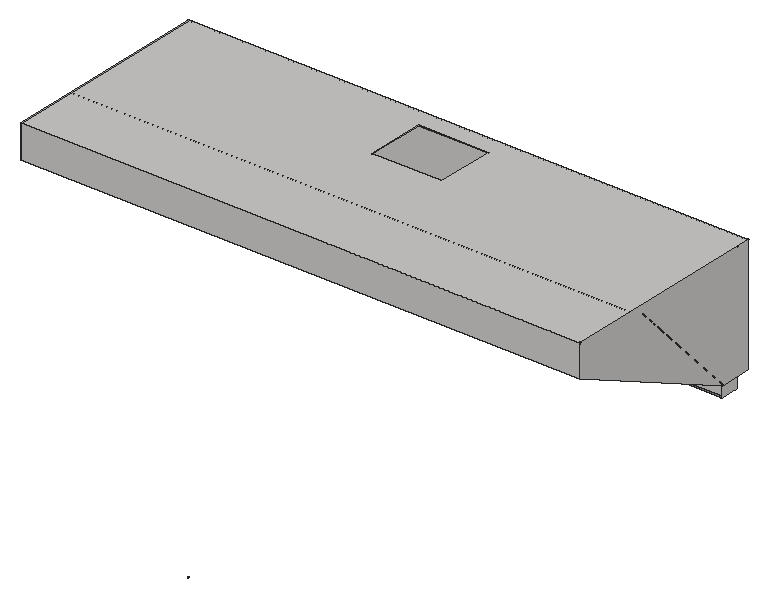
Revit family "QF_ELECTROLUXPROFESSIONAL_642289_MP924BT", category Specialty Equipment, Revit 2014
Reference planes
  plane 1: z = 0
  plane 2 "Center (Left/Right)": x = 150
  plane 3 "LEFT": x = -1050
  plane 4 "RIGHT": x = 1350
  plane 5 "BACK": y = 550
  plane 6 "Plane": z = 2000
  plane 7 "TOP": z = 2140
  plane 8 "Base": z = 1640
  plane 9: z = 1566
  plane 10 "DrainY": y = 485
  plane 11: x = -1047
  plane 12: through (0, 414.509, 1640.8) normal (0, 0.7314, 0.682)
  plane 13: y = 470
  plane 14: y = 220
  plane 15 "DrainX": x = 1230
  plane 16: x = 300
  plane 17: x = 0
  plane 18: x = 1347
  plane 19: x = 1140
  plane 20: x = 1320
  plane 21: x = -1010
  plane 22: x = -645
  plane 23: x = -450
  plane 24: x = 1310
  plane 25: x = 945
  plane 26: x = 750
  plane 27: x = -47.5
  plane 28: x = 347.5
  plane 29 "Center (Front/Back)": y = 100
  plane 30 "Front": y = -350
Forms (mm)
  Extrusion 1, solid, material "QF_Finishes_Stainless Steel"
    sketch origin (-1050, 0, 0) x (0, 1, 0) y (0, 0, 1)
      loop
        line (550, 1640) -> (550, 2140) -> (-350, 2140) -> (-350, 1999.112) -> (413.973, 1640) -> (550, 1640)
    from 0 to 3
  Extrusion 2, solid, material "QF_Finishes_Stainless Steel"
    sketch origin (150, 0, 0) x (0, 1, 0) y (0, 0, 1)
      loop
        line (415.255, 1640) -> (550, 1640) -> (550, 2139.19) -> (549.2, 2139.19) -> (549.2, 1640.8) -> (415.876, 1640.8) -> (339.347, 1722.867) -> (349.609, 1732.436) -> (348.927, 1733.167) -> (337.934, 1722.917) -> (415.255, 1640)
      loop
        line (-82.203, 2139.19) -> (-82.203, 2118.6) -> (-31.047, 2118.6) -> (34.354, 2048.466) -> (46.028, 2059.352) -> (45.346, 2060.083) -> (34.403, 2049.879) -> (-30.612, 2119.6) -> (-81.203, 2119.6) -> (-81.203, 2139.19) -> (-82.203, 2139.19)
    from -1197 to 1197
  Extrusion 3, solid, material "QF_Finishes_Stainless Steel"
    sketch origin (1350, 0, 0) x (0, 1, 0) y (0, 0, 1)
      loop
        line (550, 1640) -> (550, 2140) -> (-350, 2140) -> (-350, 1999.112) -> (413.973, 1640) -> (550, 1640)
    from 0 to -3
  Extrusion 4, solid, material "QF_Finishes_Stainless Steel"
    sketch origin (150, 0, 0) x (0, 1, 0) y (0, 0, 1)
      loop
        line (-350, 2140) -> (-350, 2000) -> (-349.2, 2000) -> (-349.2, 2139.19) -> (550, 2139.19) -> (550, 2140) -> (-350, 2140)
    from -1200 to 1200
  Extrusion 5, solid, material "QF_Finishes_Stainless Steel"
    sketch origin (150, 0, 0) x (0, 1, 0) y (0, 0, 1)
      loop
        line (534, 1640) -> (436, 1640) -> (436, 1627) -> (443.5, 1627) -> (443.5, 1576)
        arc (443.5, 1576) -> (446.429, 1568.929) -> (453.5, 1566) r 10
        line (453.5, 1566) -> (516.5, 1566)
        arc (516.5, 1566) -> (523.571, 1568.929) -> (526.5, 1576) r 10
        line (526.5, 1576) -> (526.5, 1627) -> (534, 1627) -> (534, 1640)
    from 990 to 1170
  Extrusion 6, solid, material "QF_Finishes_Stainless Steel"
    sketch origin (0, 0, 1640) x (0, 1, 0) y (-1, 0, 0)
      loop
        circle (485, -1230) r 20
    from -76 to -74
  Extrusion 7, solid, material "QF_Finished_Chrome"
    sketch origin (150, 0, 0) x (0, 1, 0) y (0, 0, 1)
      loop
        line (337.934, 1722.917) -> (341.591, 1726.327) -> (38.011, 2051.876) -> (34.354, 2048.466) -> (337.934, 1722.917)
    from -795 to -1160
  Extrusion 8, solid, material "QF_Finished_Chrome"
    sketch origin (150, 0, 0) x (0, 1, 0) y (0, 0, 1)
      loop
        line (337.934, 1722.917) -> (341.591, 1726.327) -> (38.011, 2051.876) -> (34.354, 2048.466) -> (337.934, 1722.917)
    from -197.5 to -600
  Extrusion 9, solid, material "QF_Finishes_Stainless Steel"
    sketch origin (150, 0, 0) x (0, 1, 0) y (0, 0, 1)
      loop
        line (337.934, 1722.917) -> (341.591, 1726.327) -> (38.011, 2051.876) -> (34.354, 2048.466) -> (337.934, 1722.917)
    from 1197 to 1160
  Extrusion 10, solid, material "QF_Finishes_Stainless Steel"
    sketch origin (150, 0, 0) x (0, 1, 0) y (0, 0, 1)
      loop
        line (341.588, 1726.324) -> (38.009, 2051.874) -> (34.354, 2048.466) -> (337.934, 1722.917) -> (341.588, 1726.324)
    from -795 to -600
  Extrusion 11, solid, material "QF_Finished_Chrome"
    sketch origin (150, 0, 0) x (0, 1, 0) y (0, 0, 1)
      loop
        line (341.588, 1726.324) -> (38.009, 2051.874) -> (34.354, 2048.466) -> (337.934, 1722.917) -> (341.588, 1726.324)
    from 795 to 1160
  Extrusion 12, void
    sketch origin (0, 0, 2140) x (0, 1, 0) y (-1, 0, 0)
      loop
        line (470, 0) -> (220, 0) -> (220, -300) -> (470, -300) -> (470, 0)
    from 0 to -10
  Extrusion 13, solid, material "QF_Finishes_Stainless Steel"
    sketch origin (0, 0, 0) x (1, 0, 0) y (0, 1, 0)
      loop
        line (-1050, 550) -> (-1050, 549) -> (-1049, 549) -> (-1049, 550) -> (-1050, 550)
    from 0 to 1
  Extrusion 14, solid, material "QF_Finishes_Stainless Steel"
    sketch origin (150, 0, 0) x (0, 1, 0) y (0, 0, 1)
      loop
        line (337.934, 1722.917) -> (341.591, 1726.327) -> (38.011, 2051.876) -> (34.354, 2048.466) -> (337.934, 1722.917)
    from -1160 to -1197
  Extrusion 15, solid, material "QF_Finishes_Stainless Steel"
    sketch origin (150, 0, 0) x (0, 1, 0) y (0, 0, -1)
      loop
        line (341.588, -1726.324) -> (337.934, -1722.917) -> (34.354, -2048.466) -> (38.009, -2051.874) -> (341.588, -1726.324)
    from -795 to -600
  Extrusion 16, solid, material "QF_Finished_Chrome"
    sketch origin (150, 0, 0) x (0, 1, 0) y (0, 0, 1)
      loop
        line (337.934, 1722.917) -> (341.591, 1726.327) -> (38.011, 2051.876) -> (34.354, 2048.466) -> (337.934, 1722.917)
    from 600 to 197.5
  Extrusion 17, solid, material "QF_Finishes_Stainless Steel"
    sketch origin (150, 0, 0) x (0, 1, 0) y (0, 0, -1)
      loop
        line (341.588, -1726.324) -> (337.934, -1722.917) -> (34.354, -2048.466) -> (38.009, -2051.874) -> (341.588, -1726.324)
    from -197.5 to 197.5
Cuts and joins
  Extrusion 12 cuts Extrusion 4
  joined: Extrusion 2, Extrusion 4
Lines and regions (mm)
  reference lines
    curve 1: line (150, 34.354, 2048.466) -> (150, 34.354, 1888.466)
  symbolic lines, style "SpecialityEquipment", detail levels coarse
    curve 2: line (1350, 550, 2140) -> (-1050, 550, 2140)
    curve 3: line (-1050, 550, 2140) -> (-1050, -350, 2140)
    curve 4: line (1350, -350, 2140) -> (1350, 550, 2140)
    curve 5: line (-1050, -350, 2140) -> (1350, -350, 2140)
    curve 6: line (0, 220, 2140) -> (300, 220, 2140)
    curve 7: line (0, 470, 2140) -> (0, 220, 2140)
    curve 8: line (300, 470, 2140) -> (0, 470, 2140)
    curve 9: line (300, 220, 2140) -> (300, 470, 2140)
    curve 10: line (-1050, 550, 0) -> (1350, -350, 0)
    curve 11: line (1350, 550, 0) -> (-1050, -350, 0)
Dimensions and locks
  plane 3 "LEFT" to plane 4 "RIGHT" = 2400 mm
  equal spacing: plane 3 "LEFT", plane 2 "Center (Left/Right)", plane 4 "RIGHT"
  locked: plane 6 "Plane" to level at 2000
  plane 7 "TOP" to plane 6 "Plane" = 140 mm
  locked: plane 7 "TOP" to plane 8 "Base" at 500
  plane 8 "Base" to plane 9 = 74 mm
  plane 5 "BACK" to plane 10 "DrainY" = 65 mm  (x2)
  plane 3 "LEFT" to plane 11 = 3 mm
  plane 5 "BACK" to plane 13 = 80 mm
  plane 13 to plane 14 = 250 mm  (x2)
  plane 15 "DrainX" to plane 4 "RIGHT" = 120 mm
  plane 18 to plane 4 "RIGHT" = 3 mm
  locked: plane 19 to plane 15 "DrainX" at 90
  locked: plane 15 "DrainX" to plane 20 at 90
  plane 13 to plane 5 "BACK" = 80 mm
  locked: plane 3 "LEFT" to plane 21 at 40
  locked: plane 21 to plane 22 at 365
  locked: plane 22 to plane 23 at 195
  locked: plane 24 to plane 25 at 365
  locked: plane 25 to plane 26 at 195
  locked: plane 24 to plane 4 "RIGHT" at 40
  locked: plane 27 to plane 28 at 395
  equal spacing: plane 27, plane 2 "Center (Left/Right)", plane 28
  locked: plane 17 to plane 16 at 300
  equal spacing: plane 17, plane 2 "Center (Left/Right)", plane 16
  plane 23 to plane 27 = 402.5 mm
  plane 28 to plane 26 = 402.5 mm
  locked: plane 5 "BACK" to plane 30 "Front" at 900
  equal spacing: plane 5 "BACK", plane 29 "Center (Front/Back)", plane 30 "Front"
  plane 5 "BACK" to plane 30 "Front" = 900 mm
  aligned and locked: level to plane 1
  aligned and locked: Extrusion 2 to Extrusion 1
  aligned and locked: Extrusion 2 to Extrusion 3
  aligned and locked: plane 4 "RIGHT" to Extrusion 4
  aligned and locked: Extrusion 4 to plane 3 "LEFT"
  aligned and locked: plane 18 to Extrusion 9
  aligned and locked: plane 17 to Extrusion 12
  aligned and locked: Extrusion 12 to plane 16
  aligned and locked: Extrusion 12 to plane 14
  aligned and locked: Extrusion 12 to plane 13
  aligned and locked: Extrusion 2 to Extrusion 4
  aligned and locked: plane 20 to Extrusion 5
  aligned and locked: Extrusion 5 to plane 19
  aligned and locked: Extrusion 9 to plane 24
  aligned and locked: Extrusion 11 to plane 24
  aligned and locked: Extrusion 11 to plane 25
  aligned and locked: Extrusion 8 to plane 23
  aligned and locked: plane 23 to Extrusion 10
  aligned and locked: Extrusion 10 to plane 22
  aligned and locked: plane 22 to Extrusion 7
  aligned and locked: Extrusion 7 to plane 21
  aligned and locked: Extrusion 14 to plane 11
  aligned and locked: plane 21 to Extrusion 14
  aligned and locked: Extrusion 15 to plane 26
  aligned and locked: Extrusion 15 to plane 25
  aligned and locked: Extrusion 3 to plane 18
  aligned and locked: plane 27 to Extrusion 8
  aligned and locked: Extrusion 16 to plane 26
  aligned and locked: Extrusion 16 to plane 28
  aligned and locked: plane 28 to Extrusion 17
  aligned and locked: Extrusion 17 to plane 27
Automatic sketch dimensions
  curve 5 to plane 3 "LEFT" = 0 mm
  curve 9 to plane 14 = 0 mm
  plane 13 to curve 8 = 0 mm
  curve 3 to plane 5 "BACK" = 0 mm
  curve 5 to plane 4 "RIGHT" = 0 mm
  curve 6 to plane 16 = 0 mm
  curve 6 to plane 17 = 0 mm
  Extrusion 2 sketch curve to plane 12 = 0 mm  (x3)
  Extrusion 2 sketch curve to plane 8 "Base" = 0 mm
  plane 12 to Extrusion 2 sketch curve = 0 mm
  Extrusion 2 sketch curve to plane 5 "BACK" = 0 mm
  Extrusion 2 sketch curve to Extrusion 2 sketch curve = 65.646 mm
  Extrusion 2 sketch curve to Extrusion 2 sketch curve = 0.682 mm  (x2)
  Extrusion 2 sketch curve to Extrusion 2 sketch curve = 10.261 mm
  plane 8 "Base" to Extrusion 2 sketch curve = 82.917 mm
  Extrusion 2 sketch curve to Extrusion 2 sketch curve = 10.942 mm
  Extrusion 2 sketch curve to Extrusion 2 sketch curve = 0.049 mm
  Extrusion 2 sketch curve to plane 7 "TOP" = 20.4 mm
  Extrusion 2 sketch curve to plane 7 "TOP" = 21.4 mm
  Extrusion 2 sketch curve to plane 7 "TOP" = 0.81 mm  (x2)
  Extrusion 2 sketch curve to Extrusion 2 sketch curve = 50.156 mm
  Extrusion 2 sketch curve to Extrusion 2 sketch curve = 1 mm
  plane 8 "Base" to Extrusion 2 sketch curve = 0.8 mm
  Extrusion 2 sketch curve to plane 5 "BACK" = 0.8 mm
  Extrusion 3 sketch curve to plane 8 "Base" = 0 mm
  Extrusion 3 sketch curve to plane 5 "BACK" = 0 mm
  Extrusion 3 sketch curve to plane 7 "TOP" = 0 mm
  plane 13 to Extrusion 3 sketch curve = 56.027 mm
  Extrusion 4 sketch curve to plane 6 "Plane" = 0 mm
  Extrusion 4 sketch curve to plane 5 "BACK" = 0 mm
  Extrusion 4 sketch curve to plane 7 "TOP" = 0 mm
  Extrusion 4 sketch curve to plane 7 "TOP" = 0.81 mm
  curve 1 to plane 12 = 0 mm
  curve 1 to plane 6 "Plane" = 111.534 mm
  Extrusion 5 sketch curve to plane 8 "Base" = 0 mm
  Extrusion 5 sketch curve to plane 9 = 0 mm
  Extrusion 5 sketch curve to plane 8 "Base" = 13 mm  (x2)
  plane 13 to Extrusion 5 sketch curve = 34 mm
  Extrusion 5 sketch curve to Extrusion 5 sketch curve = 7.5 mm  (x2)
  Extrusion 5 sketch curve to Extrusion 5 sketch curve = 10 mm
  plane 10 "DrainY" to Extrusion 5 sketch curve = 31.5 mm
  Extrusion 5 sketch curve to plane 5 "BACK" = 23.5 mm
  Extrusion 6 sketch curve to plane 10 "DrainY" = 0 mm
  Extrusion 6 sketch curve to plane 15 "DrainX" = 0 mm
  Extrusion 7 sketch curve to plane 12 = 0 mm  (x2)
  Extrusion 7 sketch curve to Extrusion 7 sketch curve = 3.657 mm
  plane 8 "Base" to Extrusion 7 sketch curve = 82.917 mm
  Extrusion 8 sketch curve to plane 12 = 0 mm  (x2)
  Extrusion 8 sketch curve to Extrusion 8 sketch curve = 3.657 mm
  plane 8 "Base" to Extrusion 8 sketch curve = 82.917 mm
  Extrusion 9 sketch curve to plane 12 = 0 mm  (x2)
  Extrusion 9 sketch curve to Extrusion 9 sketch curve = 3.657 mm
  plane 8 "Base" to Extrusion 9 sketch curve = 82.917 mm
  Extrusion 10 sketch curve to plane 12 = 0 mm  (x2)
  Extrusion 10 sketch curve to Extrusion 10 sketch curve = 3.655 mm
  plane 8 "Base" to Extrusion 10 sketch curve = 82.917 mm
  Extrusion 11 sketch curve to plane 12 = 0 mm  (x2)
  Extrusion 11 sketch curve to Extrusion 11 sketch curve = 3.655 mm
  plane 8 "Base" to Extrusion 11 sketch curve = 82.917 mm
  Extrusion 12 sketch curve to plane 14 = 0 mm
  plane 13 to Extrusion 12 sketch curve = 0 mm
  Extrusion 12 sketch curve to plane 16 = 0 mm
  Extrusion 12 sketch curve to plane 17 = 0 mm
  Extrusion 13 sketch curve to plane 3 "LEFT" = 0 mm
  Extrusion 13 sketch curve to plane 5 "BACK" = 0 mm
  plane 3 "LEFT" to Extrusion 13 sketch curve = 1 mm
  Extrusion 13 sketch curve to Extrusion 13 sketch curve = 1 mm
  Extrusion 14 sketch curve to plane 12 = 0 mm  (x2)
  Extrusion 14 sketch curve to Extrusion 14 sketch curve = 3.657 mm
  plane 8 "Base" to Extrusion 14 sketch curve = 82.917 mm
  Extrusion 15 sketch curve to plane 12 = 0 mm  (x2)
  Extrusion 15 sketch curve to Extrusion 15 sketch curve = 3.655 mm
  plane 8 "Base" to Extrusion 15 sketch curve = 82.917 mm
  Extrusion 16 sketch curve to plane 12 = 0 mm  (x2)
  Extrusion 16 sketch curve to Extrusion 16 sketch curve = 3.657 mm
  plane 8 "Base" to Extrusion 16 sketch curve = 82.917 mm
  Extrusion 17 sketch curve to plane 12 = 0 mm  (x2)
  Extrusion 17 sketch curve to Extrusion 17 sketch curve = 3.655 mm
  plane 8 "Base" to Extrusion 17 sketch curve = 82.917 mm
  Extrusion 4 sketch curve to Extrusion 4 sketch curve = 0.8 mm
  curve 5 to plane 14 = 570 mm
  plane 6 "Plane" to Extrusion 2 sketch curve = 48.466 mm
  Extrusion 4 sketch curve to plane 14 = 569.2 mm
  curve 1 to plane 14 = 185.646 mm
  plane 6 "Plane" to Extrusion 7 sketch curve = 51.876 mm
  plane 6 "Plane" to Extrusion 8 sketch curve = 51.876 mm
  plane 6 "Plane" to Extrusion 9 sketch curve = 51.876 mm
  plane 6 "Plane" to Extrusion 10 sketch curve = 51.874 mm
  plane 6 "Plane" to Extrusion 11 sketch curve = 51.874 mm
  plane 6 "Plane" to Extrusion 14 sketch curve = 51.876 mm
  plane 6 "Plane" to Extrusion 15 sketch curve = 51.874 mm
  plane 6 "Plane" to Extrusion 16 sketch curve = 51.876 mm
  plane 6 "Plane" to Extrusion 17 sketch curve = 51.874 mm
  Extrusion 1 sketch curve to plane 30 "Front" = 0 mm
  Extrusion 1 sketch curve to plane 8 "Base" = 0 mm
  Extrusion 1 sketch curve to plane 5 "BACK" = 0 mm
  Extrusion 1 sketch curve to plane 7 "TOP" = 0 mm
  plane 13 to Extrusion 1 sketch curve = 56.027 mm
  Extrusion 1 sketch curve to plane 6 "Plane" = 0.888 mm
  Extrusion 3 sketch curve to plane 30 "Front" = 0 mm
  Extrusion 3 sketch curve to plane 6 "Plane" = 0.888 mm
  curve 11 to plane 3 "LEFT" = 0 mm
  curve 10 to plane 3 "LEFT" = 0 mm
  curve 11 to plane 4 "RIGHT" = 0 mm
  curve 10 to plane 4 "RIGHT" = 0 mm
  curve 10 to plane 30 "Front" = 0 mm
  curve 11 to plane 30 "Front" = 0 mm
  curve 11 to plane 5 "BACK" = 0 mm
  curve 10 to plane 5 "BACK" = 0 mm
  radius of Extrusion 6 sketch curve = 20 mm
Connectors
  piping at (1230, 485, 1564), diameter 20
    settings: on Extrusion 6, index 1, connector inside diameter 609.6 mm, connector length 0 mm, flow factor 0, pipe flow 0.0 L/s, pressure drop 0.0 Pa, fitting loss kfactor 0, connector angle 0.00°, fixture units 0, engagement length 0 mm, angle of deflection 0.00°, flow configuration 1, flow direction 2, fitting loss method 0, system type 16, joint type 0, gender type 0, connector reference index -1, connector utility 0, adjustable connector no, is connector primary yes, connector description "Drain"
  hvac at (150, 345, 2140)
    settings: on Extrusion 12, index 2, duct flow 0.0 L/s, flow factor 0, pres drop 0.0 Pa, loss coef 0, conn angle 0.00°, conn width 250 mm, conn height 300 mm, conn diameter 609.6 mm, duct sys type 3, conn prof type 1, flow config 1, flow direction 0, loss method 0, conn ref index -1, conn util no, is conn primary yes, conn desc "EXHAUST OUTLET"
